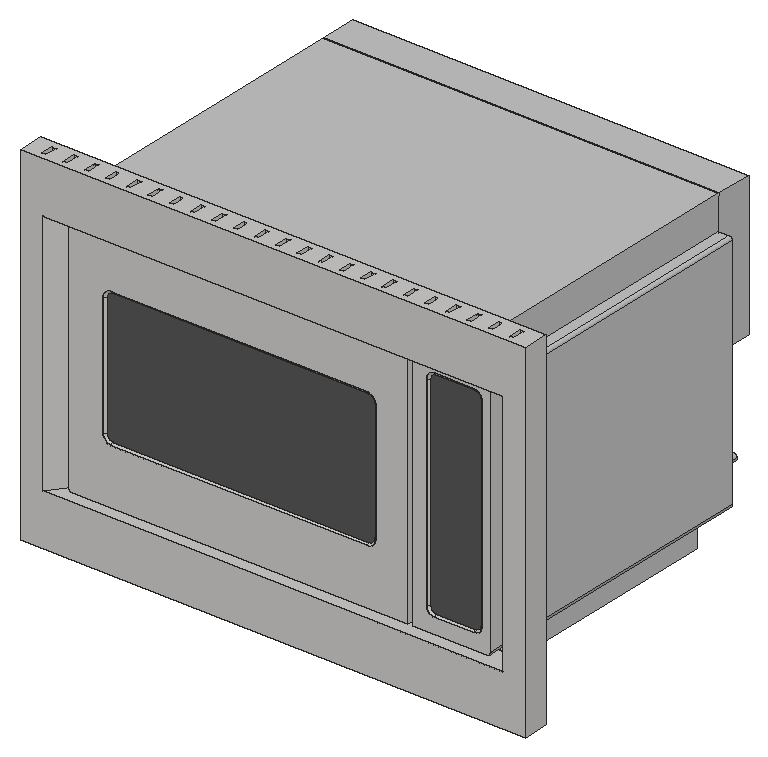
Revit family "FP_Revit_18_CMO-24SS-2_w_CMOTTK30SS_Microwave_w_Trimkit_90000928A", category Specialty Equipment, Revit 2018
Family settings
  Round Connector Dimension = Use Diameter
  Part Type = Normal
  OmniClass Number = 23.40.40.14.17.31
  OmniClass Title = Small Specialized Cooking Equipment
  Work Plane-Based = No
  Always vertical = Yes
  Cut with Voids When Loaded = Yes
  Shared = No
  Room Calculation Point = No
Parameters
  Visibility - Clearance Required = yes
  URL = "www.fisherpaykel.com"
  Product - Width = 754 mm
  Product - Height = 521 mm
  Product - Depth = 518 mm
  Model = "CMO-24SS-2 + CMOTTK-30SS"
  Material - Glass = Fisher & Paykel - Glass, Black
  Material - Front = Fisher & Paykel - Stainless Steel
  Material - Body = Fisher & Paykel - Grey
  Manufacturer = "Fisher & Paykel Appliances"
  FFL Offset [instance] = 860 mm
  Description = "CMO-24SS-2 Microwave + CMOTTK-30SS Trimkit"
  Connector Description - Electrical = "120 V, 60 Hz, 15 A"
  Chassis - Width = 654 mm
  Chassis - Height = 487 mm
  Chassis - Depth = 479.9 mm
  Cavity - Width = 654 mm
  Cavity - Height = 487 mm
  Cavity - Depth = 508 mm
Reference planes
  plane 1 "Datum": y = 0
  plane 2: z = 0
  plane 3 "Center (Left/Right)": x = 0
  plane 4 "FFL Offset": z = 860
  plane 5 "Product - Depth": y = 479.9
  plane 6 "Cavity - Depth": y = 508
Forms (mm)
  Extrusion 1, void
    sketch origin (0, 0, 0) x (0, 1, 0) y (0, 0, 1)
      loop
        line (0, 1347) -> (0, 860) -> (508, 860) -> (508, 1347) -> (0, 1347)
    from -327 to 327
Text (mm)
  text "Due to ongoing product development, product details are subject to change without notice. \nPlease always refer to www.fisherpaykel.com for the most current product information. \n© Fisher & Paykel 2020" at (39.334, -111.952, 0), in view "Ref. Level (Plan)"
Dimensions and locks
  nested 2 to plane 4 "FFL Offset" = 0 mm
  "FFL Offset": plane 4 "FFL Offset" to level
  "Cavity - Depth": plane 6 "Cavity - Depth" to plane 1 "Datum"
  "Chassis - Depth": plane 1 "Datum" to plane 5 "Product - Depth"
  "Product - Depth": nested 2 to plane 5 "Product - Depth"
  "Cavity - Width": Extrusion 1 to Extrusion 1
  nested 2 to nested 2 = 754 mm
  Extrusion 1 to Extrusion 1 = 654 mm
  locked: nested 1 to plane 4 "FFL Offset" at 57.175
  aligned and locked: level to plane 2
  aligned and locked: Extrusion 1 sketch curve to nested 2
  aligned and locked: plane 5 "Product - Depth" to nested 2
  aligned and locked: plane 4 "FFL Offset" to nested 2
Automatic sketch dimensions
  Extrusion 1 sketch curve to plane 1 "Datum" = 0 mm
  Extrusion 1 sketch curve to plane 1 "Datum" = 508 mm
  Extrusion 1 sketch curve to plane 4 "FFL Offset" = 0 mm
Nested families
  nested 1: "FP_Revit_18_CMO-24SS-2_Microwave_90000928A" at (0, -25.4, 908.875), type "FP_Revit_18_CMO-24SS-2_Microwave_90000928A"
    with FFL Offset 8.3 mm
  nested 2: "FP_Revit_18_CMOTTK-30SS_Trimkit_90001190A" at (0, 0, 860), type "FP_Revit_18_CMOTTK-30SS_Trimkit_90001190A"
    with FFL Offset 0 mm
Connectors
  electrical at (289.33, 459.6, 977.415), driven by "Connector Description - Electrical"
    settings: on nested 1, index 2, voltage 120 V, apparent load 0 VA, apparent load phase1 0 VA, apparent load phase2 0 VA, apparent load phase3 0 VA, power factor 1, load classification "Other", number of poles 1, system type 30, power factor state 1, is connector primary yes, connector utility no, sub classification motor no, connector description "120 V, 60 Hz, 15 A"
Definition of nested family "FP_Revit_18_CMO-24SS-2_Microwave_90000928A"
  Parameters (values of type "FP_Revit_18_CMO-24SS-2_Microwave_90000928A")
    Visibility - Clearance Required = yes
    URL = "www.fisherpaykel.com"
    Product - Width = 629 mm  # constant formula
    Product - Height = 378 mm  # constant formula
    Product - Depth = 485 mm  # constant formula
    Model = "CMO-24SS-2"
    Material - Glass = none
    Material - Front = none
    Material - Body = none
    Manufacturer = "Fisher & Paykel Appliances"
    FFL Offset [instance] = 860 mm
    Description = "24\" Convection Microwave"
    Connector Note - Electrical = "120 V, 60 Hz, 15 A"
  Reference planes
    plane 1 "Datum": y = 0
    plane 2: z = 0
    plane 3 "Center (Left/Right)": x = 0
    plane 4 "Top": z = 1238
    plane 5 "Product LHS": x = -314.5
    plane 6 "Product RHS": x = 314.5
    plane 7 "Product - Depth": y = 485
    plane 8 "FFL Offset": z = 860
    plane 9 "Base": z = 875.24
  Forms (mm)
    Extrusion 1, solid, material <- "Material - Front"
      sketch origin (0, 0, 0) x (1, 0, 0) y (0, 0, 1)
        loop
          arc (-309.5, 1238) -> (-313.036, 1236.536) -> (-314.5, 1233) r 5
          line (-314.5, 1233) -> (-314.5, 880.24)
          arc (-314.5, 880.24) -> (-313.036, 876.704) -> (-309.5, 875.24) r 5
          line (-309.5, 875.24) -> (309.5, 875.24)
          arc (309.5, 875.24) -> (313.036, 876.704) -> (314.5, 880.24) r 5
          line (314.5, 880.24) -> (314.5, 1233)
          arc (314.5, 1233) -> (313.036, 1236.536) -> (309.5, 1238) r 5
          line (309.5, 1238) -> (-309.5, 1238)
        loop
          arc (-251.52, 1164.165) -> (-260.005, 1160.65) -> (-263.52, 1152.165) r 12
          line (-263.52, 1152.165) -> (-263.52, 970.265)
          arc (-263.52, 970.265) -> (-260.005, 961.78) -> (-251.52, 958.265) r 12
          line (-251.52, 958.265) -> (130.88, 958.265)
          arc (130.88, 958.265) -> (139.365, 961.78) -> (142.88, 970.265) r 12
          line (142.88, 970.265) -> (142.88, 1152.165)
          arc (142.88, 1152.165) -> (139.365, 1160.65) -> (130.88, 1164.165) r 12
          line (130.88, 1164.165) -> (-251.52, 1164.165)
        loop
          arc (231.08, 1224.49) -> (222.595, 1220.975) -> (219.08, 1212.49) r 12
          line (219.08, 1212.49) -> (219.08, 909.94)
          arc (219.08, 909.94) -> (222.595, 901.455) -> (231.08, 897.94) r 12
          line (231.08, 897.94) -> (289.63, 897.94)
          arc (289.63, 897.94) -> (298.115, 901.455) -> (301.63, 909.94) r 12
          line (301.63, 909.94) -> (301.63, 1212.49)
          arc (301.63, 1212.49) -> (298.115, 1220.975) -> (289.63, 1224.49) r 12
          line (289.63, 1224.49) -> (231.08, 1224.49)
      from -25.4 to 0
    Extrusion 2, void
      sketch origin (0, 0, 0) x (1, 0, 0) y (0, 1, 0)
        loop
          line (193.68, 25.4) -> (191.458, 0) -> (199.077, 0) -> (196.855, 25.4) -> (193.68, 25.4)
      from 860 to 1238
    Extrusion 3, solid, material <- "Material - Glass"
      sketch origin (0, 0, 0) x (1, 0, 0) y (0, 0, 1)
        loop
          arc (-251.52, 1164.165) -> (-260.005, 1160.65) -> (-263.52, 1152.165) r 12
          line (-263.52, 1152.165) -> (-263.52, 970.265)
          arc (-263.52, 970.265) -> (-260.005, 961.78) -> (-251.52, 958.265) r 12
          line (-251.52, 958.265) -> (130.88, 958.265)
          arc (130.88, 958.265) -> (139.365, 961.78) -> (142.88, 970.265) r 12
          line (142.88, 970.265) -> (142.88, 1152.165)
          arc (142.88, 1152.165) -> (139.365, 1160.65) -> (130.88, 1164.165) r 12
          line (130.88, 1164.165) -> (-251.52, 1164.165)
        loop
          line (289.63, 1224.49) -> (231.08, 1224.49)
          arc (231.08, 1224.49) -> (222.595, 1220.975) -> (219.08, 1212.49) r 12
          line (219.08, 1212.49) -> (219.08, 909.94)
          arc (219.08, 909.94) -> (222.595, 901.455) -> (231.08, 897.94) r 12
          line (231.08, 897.94) -> (289.63, 897.94)
          arc (289.63, 897.94) -> (298.115, 901.455) -> (301.63, 909.94) r 12
          line (301.63, 909.94) -> (301.63, 1212.49)
          arc (301.63, 1212.49) -> (298.115, 1220.975) -> (289.63, 1224.49) r 12
      from -25.4 to -3.175
    Extrusion 4, solid, material <- "Material - Body"
      sketch origin (0, 0, 0) x (1, 0, 0) y (0, 0, 1)
        loop
          arc (-309.5, 1238) -> (-313.036, 1236.536) -> (-314.5, 1233) r 5
          line (-314.5, 1233) -> (-314.5, 880.24)
          arc (-314.5, 880.24) -> (-313.036, 876.704) -> (-309.5, 875.24) r 5
          line (-309.5, 875.24) -> (309.5, 875.24)
          arc (309.5, 875.24) -> (313.036, 876.704) -> (314.5, 880.24) r 5
          line (314.5, 880.24) -> (314.5, 1233)
          arc (314.5, 1233) -> (313.036, 1236.536) -> (309.5, 1238) r 5
          line (309.5, 1238) -> (-309.5, 1238)
      from -450.85 to -25.4
    Extrusion 5, solid, material <- "Material - Body"
      sketch origin (0, 0, 0) x (1, 0, 0) y (0, 1, 0)
        loop
          circle (-234.945, 86.36) r 9.302
        loop
          circle (-234.945, 395.923) r 9.302
        loop
          circle (234.945, 86.36) r 9.302
        loop
          circle (234.945, 395.923) r 9.302
      from 860 to 875.24
    Extrusion 6, solid, material <- "Material - Body"
      sketch origin (0, 0, 0) x (1, 0, 0) y (0, 0, 1)
        loop
          line (101.347, 1177.795) -> (-217.225, 1177.795)
          arc (-217.225, 1177.795) -> (-234.903, 1170.473) -> (-242.225, 1152.795) r 25
          line (-242.225, 1152.795) -> (-242.225, 965.985)
          arc (-242.225, 965.985) -> (-234.903, 948.307) -> (-217.225, 940.985) r 25
          line (-217.225, 940.985) -> (101.347, 940.985)
          arc (101.347, 940.985) -> (119.025, 948.307) -> (126.347, 965.985) r 25
          line (126.347, 965.985) -> (126.347, 1152.795)
          arc (126.347, 1152.795) -> (119.025, 1170.473) -> (101.347, 1177.795) r 25
      from -460.375 to -450.85
    Sweep 7, solid, material <- "Material - Body", detail levels fine
      path in 3D
        loop
          arc (101.347, 460.375, 1177.795) -> (119.025, 460.375, 1170.473) -> (126.347, 460.375, 1152.795) r 25
          line (126.347, 460.375, 1152.795) -> (126.347, 460.375, 965.985)
          arc (126.347, 460.375, 965.985) -> (119.025, 460.375, 948.307) -> (101.347, 460.375, 940.985) r 25
          line (101.347, 460.375, 940.985) -> (-217.225, 460.375, 940.985)
          arc (-217.225, 460.375, 940.985) -> (-234.903, 460.375, 948.307) -> (-242.225, 460.375, 965.985) r 25
          line (-242.225, 460.375, 965.985) -> (-242.225, 460.375, 1152.795)
          arc (-242.225, 460.375, 1152.795) -> (-234.903, 460.375, 1170.473) -> (-217.225, 460.375, 1177.795) r 25
          line (-217.225, 460.375, 1177.795) -> (101.347, 460.375, 1177.795)
      profile origin (-57.939, 460.375, 1177.795) x (0, 1, 0) y (0, 0, 1)
        loop
          line (0, 0) -> (-9.525, 9.525) -> (-9.525, 0) -> (0, 0)
    Revolve 8, solid, material <- "Material - Body"
      sketch origin (-202.5, 0, 0) x (0, 1, 0) y (0, 0, 1)
        loop
          line (485, 980.65) -> (485, 992.483)
          arc (485, 992.483) -> (481.575, 995.027) -> (478.15, 992.483) r 3.577
          line (478.15, 992.483) -> (478.15, 989.017) -> (460.375, 989.017) -> (460.375, 980.65) -> (485, 980.65)
        axis (485, 980.65) -> (460.375, 980.65)
      angle from 0 to 360
    Extrusion 9, solid, material <- "Material - Body"
      sketch origin (0, 0, 0) x (1, 0, 0) y (0, 0, 1)
        loop
          circle (289.33, 920.24) r 5
      from -485 to -450.85
    Extrusion 10, void
      sketch origin (0, 0, 0) x (1, 0, 0) y (0, 1, 0)
        loop
          line (-314.5, 485) -> (-314.5, 0) -> (314.5, 0) -> (314.5, 485) -> (-314.5, 485)
      from 860 to 1238
    Sweep 11, solid, material <- "Material - Front", detail levels fine
      path in 3D
        loop
          arc (-263.52, 0, 1152.165) -> (-260.005, 0, 1160.65) -> (-251.52, 0, 1164.165) r 12
          line (-251.52, 0, 1164.165) -> (130.88, 0, 1164.165)
          arc (130.88, 0, 1164.165) -> (139.365, 0, 1160.65) -> (142.88, 0, 1152.165) r 12
          line (142.88, 0, 1152.165) -> (142.88, 0, 970.265)
          arc (142.88, 0, 970.265) -> (139.365, 0, 961.78) -> (130.88, 0, 958.265) r 12
          line (130.88, 0, 958.265) -> (-251.52, 0, 958.265)
          arc (-251.52, 0, 958.265) -> (-260.005, 0, 961.78) -> (-263.52, 0, 970.265) r 12
          line (-263.52, 0, 970.265) -> (-263.52, 0, 1152.165)
      profile origin (-263.52, 0, 1061.215) x (0, -1, 0) y (1, 0, 0)
        loop
          line (0, 0) -> (-3.175, 3.175) -> (-3.175, 0) -> (0, 0)
    Sweep 12, solid, material <- "Material - Front", detail levels fine
      path in 3D
        loop
          arc (219.08, 0, 1212.49) -> (222.595, 0, 1220.975) -> (231.08, 0, 1224.49) r 12
          line (231.08, 0, 1224.49) -> (289.63, 0, 1224.49)
          arc (289.63, 0, 1224.49) -> (298.115, 0, 1220.975) -> (301.63, 0, 1212.49) r 12
          line (301.63, 0, 1212.49) -> (301.63, 0, 909.94)
          arc (301.63, 0, 909.94) -> (298.115, 0, 901.455) -> (289.63, 0, 897.94) r 12
          line (289.63, 0, 897.94) -> (231.08, 0, 897.94)
          arc (231.08, 0, 897.94) -> (222.595, 0, 901.455) -> (219.08, 0, 909.94) r 12
          line (219.08, 0, 909.94) -> (219.08, 0, 1212.49)
      profile origin (219.08, 0, 1061.215) x (0, -1, 0) y (1, 0, 0)
        loop
          line (0, 0) -> (-3.175, 3.175) -> (-3.175, 0) -> (0, 0)
  Cuts and joins
    Extrusion 2 cuts Extrusion 1
  Lines and regions (mm)
    sketch lines
      curve 1: line (-217.225, 460.375, 1177.795) -> (101.347, 460.375, 1177.795)
      curve 2: arc (-217.225, 460.375, 1177.795) -> (-234.903, 460.375, 1170.473) -> (-242.225, 460.375, 1152.795) r 25
      curve 3: line (-242.225, 460.375, 965.985) -> (-242.225, 460.375, 1152.795)
      curve 4: arc (-242.225, 460.375, 965.985) -> (-234.903, 460.375, 948.307) -> (-217.225, 460.375, 940.985) r 25
      curve 5: line (101.347, 460.375, 940.985) -> (-217.225, 460.375, 940.985)
      curve 6: arc (101.347, 460.375, 940.985) -> (119.025, 460.375, 948.307) -> (126.347, 460.375, 965.985) r 25
      curve 7: line (126.347, 460.375, 1152.795) -> (126.347, 460.375, 965.985)
      curve 8: arc (126.347, 460.375, 1152.795) -> (119.025, 460.375, 1170.473) -> (101.347, 460.375, 1177.795) r 25
      curve 9: line (-263.52, 0, 970.265) -> (-263.52, 0, 1152.165)
      curve 10: arc (-251.52, 0, 1164.165) -> (-260.005, 0, 1160.65) -> (-263.52, 0, 1152.165) r 12
      curve 11: line (-251.52, 0, 1164.165) -> (130.88, 0, 1164.165)
      curve 12: arc (142.88, 0, 1152.165) -> (139.365, 0, 1160.65) -> (130.88, 0, 1164.165) r 12
      curve 13: line (142.88, 0, 1152.165) -> (142.88, 0, 970.265)
      curve 14: arc (130.88, 0, 958.265) -> (139.365, 0, 961.78) -> (142.88, 0, 970.265) r 12
      curve 15: line (130.88, 0, 958.265) -> (-251.52, 0, 958.265)
      curve 16: arc (-263.52, 0, 970.265) -> (-260.005, 0, 961.78) -> (-251.52, 0, 958.265) r 12
      curve 17: line (219.08, 0, 909.94) -> (219.08, 0, 1212.49)
      curve 18: arc (231.08, 0, 1224.49) -> (222.595, 0, 1220.975) -> (219.08, 0, 1212.49) r 12
      curve 19: line (231.08, 0, 1224.49) -> (289.63, 0, 1224.49)
      curve 20: arc (301.63, 0, 1212.49) -> (298.115, 0, 1220.975) -> (289.63, 0, 1224.49) r 12
      curve 21: line (301.63, 0, 1212.49) -> (301.63, 0, 909.94)
      curve 22: arc (289.63, 0, 897.94) -> (298.115, 0, 901.455) -> (301.63, 0, 909.94) r 12
      curve 23: line (289.63, 0, 897.94) -> (231.08, 0, 897.94)
      curve 24: arc (219.08, 0, 909.94) -> (222.595, 0, 901.455) -> (231.08, 0, 897.94) r 12
  Text (mm)
    text "Due to ongoing product development, product details are subject to change without notice. \nPlease always refer to www.fisherpaykel.com for the most current product information. \n© Fisher & Paykel 2020" at (41.04, -248.295, 0), in view "Ref. Level (Plan)"
  Dimensions and locks
    equal spacing: plane 5 "Product LHS", plane 3 "Center (Left/Right)", plane 6 "Product RHS"
    "Product - Width": plane 5 "Product LHS" to plane 6 "Product RHS"
    "Product - Depth": plane 1 "Datum" to plane 7 "Product - Depth"
    "FFL Offset": plane 8 "FFL Offset" to level
    locked: plane 8 "FFL Offset" to Revolve 8 sketch curve at 120.65
    locked: Revolve 8 sketch curve to Revolve 8 sketch curve at 8.367
    locked: Extrusion 9 sketch curve to plane 8 "FFL Offset" at 60.24
    locked: plane 9 "Base" to plane 8 "FFL Offset" at 15.24
    cut or joined group of Extrusion 1, Extrusion 2 to plane 8 "FFL Offset" = 37.94 mm
    cut or joined group of Extrusion 1, Extrusion 2 to plane 8 "FFL Offset" = 98.265 mm
    locked: plane 8 "FFL Offset" to Extrusion 6 at 80.985
    locked: Sweep 7 to plane 8 "FFL Offset" at 80.985
    "Product - Height": plane 4 "Top" to plane 8 "FFL Offset"
    aligned and locked: level to plane 2
    aligned and locked: Extrusion 1 sketch curve to plane 5 "Product LHS"
    aligned and locked: plane 6 "Product RHS" to Extrusion 1 sketch curve
    aligned and locked: Revolve 8 sketch curve to plane 7 "Product - Depth"
    aligned and locked: Extrusion 9 to plane 7 "Product - Depth"
    aligned and locked: Extrusion 4 sketch curve to plane 4 "Top"
    aligned and locked: plane 4 "Top" to Extrusion 10
    aligned and locked: Extrusion 4 sketch curve to plane 9 "Base"
    aligned and locked: Extrusion 1 sketch curve to plane 9 "Base"
    aligned and locked: Extrusion 3 sketch curve to cut or joined group of Extrusion 1, Extrusion 2  (x2)
    aligned and locked: Extrusion 2 to plane 8 "FFL Offset"
    aligned and locked: Extrusion 5 to plane 8 "FFL Offset"
    aligned and locked: Extrusion 5 to Extrusion 4
    aligned and locked: Extrusion 10 to Extrusion 5
    aligned and locked: plane 4 "Top" to Extrusion 2
  Automatic sketch dimensions
    plane 1 "Datum" to Extrusion 2 sketch curve = 0 mm
    plane 6 "Product RHS" to Extrusion 2 sketch curve = 123.042 mm
    Extrusion 2 sketch curve to plane 1 "Datum" = 25.4 mm
    Extrusion 2 sketch curve to Extrusion 2 sketch curve = 2.222 mm
    Extrusion 2 sketch curve to Extrusion 2 sketch curve = 3.175 mm
    Extrusion 2 sketch curve to Extrusion 2 sketch curve = 7.62 mm
    Extrusion 6 sketch curve to plane 5 "Product LHS" = 72.275 mm
    Extrusion 6 sketch curve to Extrusion 6 sketch curve = 25 mm  (x3)
    plane 3 "Center (Left/Right)" to Extrusion 6 sketch curve = 101.347 mm  (x2)
    level to Extrusion 6 sketch curve = 940.985 mm
    Extrusion 6 sketch curve to plane 4 "Top" = 85.205 mm
    Sweep 7 sketch curve to profile plane = 0 mm  (x2)
    profile plane to Sweep 7 sketch curve = 9.525 mm  (x2)
    Extrusion 5 sketch curve to plane 5 "Product LHS" = 79.555 mm  (x2)
    plane 6 "Product RHS" to Extrusion 5 sketch curve = 79.555 mm  (x2)
    Extrusion 5 sketch curve to plane 1 "Datum" = 86.36 mm  (x2)
    Extrusion 5 sketch curve to plane 7 "Product - Depth" = 89.077 mm  (x2)
    Revolve 8 sketch curve to plane 7 "Product - Depth" = 3.425 mm
    Revolve 8 sketch curve to Revolve 8 sketch curve = 3.425 mm
    Revolve 8 sketch curve to Revolve 8 sketch curve = 17.775 mm
    Revolve 8 sketch curve to Revolve 8 sketch curve = 2.432 mm
    Revolve 8 sketch curve to Revolve 8 sketch curve = 1.033 mm
    Revolve 8 sketch curve to Revolve 8 sketch curve = 23.464 mm
    Revolve 8 sketch curve to Revolve 8 sketch curve = 0.407 mm
    Revolve 8 sketch curve to Revolve 8 sketch curve = 0 mm
    plane 6 "Product RHS" to Extrusion 9 sketch curve = 25.17 mm
    plane 1 "Datum" to Extrusion 10 sketch curve = 0 mm
    Extrusion 10 sketch curve to plane 5 "Product LHS" = 0 mm
    Extrusion 10 sketch curve to plane 6 "Product RHS" = 0 mm
    Extrusion 10 sketch curve to plane 7 "Product - Depth" = 0 mm
    plane 5 "Product LHS" to Extrusion 4 sketch curve = 0 mm
    plane 6 "Product RHS" to Extrusion 4 sketch curve = 0 mm
    Extrusion 4 sketch curve to plane 5 "Product LHS" = 5 mm  (x2)
    Extrusion 4 sketch curve to Extrusion 4 sketch curve = 5 mm
    plane 6 "Product RHS" to Extrusion 4 sketch curve = 5 mm
    Extrusion 1 sketch curve to plane 4 "Top" = 0 mm
    Extrusion 1 sketch curve to plane 5 "Product LHS" = 5 mm  (x2)
    Extrusion 1 sketch curve to plane 5 "Product LHS" = 50.98 mm
    Extrusion 1 sketch curve to Extrusion 1 sketch curve = 12 mm  (x5)
    plane 3 "Center (Left/Right)" to Extrusion 1 sketch curve = 130.88 mm  (x2)
    Extrusion 1 sketch curve to plane 4 "Top" = 25.51 mm
    plane 6 "Product RHS" to Extrusion 1 sketch curve = 95.42 mm
    Extrusion 1 sketch curve to plane 4 "Top" = 13.51 mm
    Extrusion 1 sketch curve to plane 9 "Base" = 22.7 mm
    plane 6 "Product RHS" to Extrusion 1 sketch curve = 24.87 mm  (x2)
    plane 6 "Product RHS" to Extrusion 1 sketch curve = 5 mm  (x2)
    Extrusion 1 sketch curve to plane 9 "Base" = 83.025 mm
    Extrusion 1 sketch curve to plane 4 "Top" = 85.835 mm
    Extrusion 3 sketch curve to plane 5 "Product LHS" = 50.98 mm
    Extrusion 3 sketch curve to Extrusion 3 sketch curve = 12 mm  (x5)
    plane 3 "Center (Left/Right)" to Extrusion 3 sketch curve = 130.88 mm  (x2)
    Extrusion 3 sketch curve to plane 4 "Top" = 25.51 mm
    plane 6 "Product RHS" to Extrusion 3 sketch curve = 95.42 mm
    Extrusion 3 sketch curve to plane 4 "Top" = 13.51 mm
    plane 6 "Product RHS" to Extrusion 3 sketch curve = 24.87 mm  (x2)
    Extrusion 3 sketch curve to plane 4 "Top" = 85.835 mm
    Sweep 11 sketch curve to profile plane = 0 mm  (x2)
    profile plane to Sweep 11 sketch curve = 3.175 mm  (x2)
    Sweep 12 sketch curve to profile plane = 0 mm  (x2)
    profile plane to Sweep 12 sketch curve = 3.175 mm  (x2)
    radius of Extrusion 9 sketch curve = 5 mm
    radius of Extrusion 5 sketch curve = 9.302 mm  (x4)
  Connectors
    electrical at (289.33, 485, 920.24), driven by "Connector Note - Electrical"
      settings: on Extrusion 9, index 1, voltage 120 V, apparent load 0 VA, apparent load phase1 0 VA, apparent load phase2 0 VA, apparent load phase3 0 VA, power factor 1, load classification none, number of poles 1, system type 30, power factor state 1, is connector primary yes, connector utility no, sub classification motor no, connector description "120 V, 60 Hz, 15 A"
Definition of nested family "FP_Revit_18_CMOTTK-30SS_Trimkit_90001190A"
  Parameters (values of type "FP_Revit_18_CMOTTK-30SS_Trimkit_90001190A")
    Visibility - Clearance Required = yes
    URL = "www.fisherpaykel.com"
    Product - Width = 754 mm  # constant formula
    Product - Height = 521 mm  # constant formula
    Product - Depth = 518 mm  # constant formula
    Model = "CMOTTK-30SS"
    Material - Trim = none
    Material - Body = none
    Manufacturer = "Fisher & Paykel Appliances"
    FFL Offset [instance] = 860 mm
    Description = "Microwave Trim Kit"
    Cavity - Width = 654 mm  # constant formula
    Cavity - Height = 487 mm  # constant formula
    Cavity - Depth = 508 mm  # constant formula
  Reference planes
    plane 1 "Datum": y = 0
    plane 2: z = 0
    plane 3 "Center (Left/Right)": x = 0
    plane 4 "Top": z = 1372.65
    plane 5 "Product LHS": x = -377
    plane 6 "Product RHS": x = 377
    plane 7 "Product - Depth": y = 508
    plane 8 "Trim": z = 851.65
    plane 9 "Base": z = 860
  Forms (mm)
    Extrusion 1, solid, material <- "Material - Body"
      sketch origin (0, 0, 0) x (1, 0, 0) y (0, 0, 1)
        loop
          line (-295.27, 1347) -> (-295.27, 1296.15) -> (295.28, 1296.15) -> (295.28, 1347) -> (-295.27, 1347)
        loop
          line (-261.259, 917.175) -> (-261.259, 860) -> (261.27, 860) -> (261.27, 917.175) -> (-261.259, 917.175)
      from -425.45 to 0
    Extrusion 2, solid, material <- "Material - Trim"
      sketch origin (0, 0, 0) x (1, 0, 0) y (0, 0, 1)
        loop
          line (-377, 1372.65) -> (-377, 851.65) -> (377, 851.65) -> (377, 1372.65) -> (-377, 1372.65)
      from 0 to 38.1
    Extrusion 3, solid, material <- "Material - Body"
      sketch origin (0, 0, 0) x (1, 0, 0) y (0, 0, 1)
        loop
          line (-295.27, 1310.516) -> (-327, 1310.516) -> (-327, 860) -> (327, 860) -> (327, 1310.516) -> (295.28, 1310.516) -> (295.28, 1296.15) -> (320.67, 1296.15) -> (320.67, 927.85) -> (-320.67, 927.85) -> (-320.67, 1296.15) -> (-295.27, 1296.15) -> (-295.27, 1310.516)
      from -9.525 to 0
    Extrusion 4, void
      sketch origin (0, 0, 0) x (1, 0, 0) y (0, 1, 0)
        loop
          line (-320.67, 0) -> (-320.67, -6.5) -> (-342.796, -38.1) -> (342.796, -38.1) -> (320.67, -6.5) -> (320.67, 0) -> (-320.67, 0)
      from 927.85 to 1296.15
    Extrusion 5, solid, material <- "Material - Body"
      sketch origin (0, 0, 0) x (1, 0, 0) y (0, 0, 1)
        loop
          line (295.28, 1133.596) -> (295.28, 1347) -> (-295.27, 1347) -> (-295.27, 1252.57) -> (154.035, 1252.57) -> (154.035, 1133.596) -> (295.28, 1133.596)
      from -479.9 to -425.45
    Extrusion 6, void
      sketch origin (0, 0, 0) x (1, 0, 0) y (0, 1, 0)
        loop
          line (-352.425, -9.525) -> (-352.425, -28.575) -> (-346.075, -28.575) -> (-346.075, -9.525) -> (-352.425, -9.525)
        loop
          line (-320.675, -9.525) -> (-320.675, -28.575) -> (-314.325, -28.575) -> (-314.325, -9.525) -> (-320.675, -9.525)
        loop
          line (-288.925, -9.525) -> (-288.925, -28.575) -> (-282.575, -28.575) -> (-282.575, -9.525) -> (-288.925, -9.525)
        loop
          line (-257.175, -9.525) -> (-257.175, -28.575) -> (-250.825, -28.575) -> (-250.825, -9.525) -> (-257.175, -9.525)
        loop
          line (-225.425, -9.525) -> (-225.425, -28.575) -> (-219.075, -28.575) -> (-219.075, -9.525) -> (-225.425, -9.525)
        loop
          line (-193.675, -9.525) -> (-193.675, -28.575) -> (-187.325, -28.575) -> (-187.325, -9.525) -> (-193.675, -9.525)
        loop
          line (-161.925, -9.525) -> (-161.925, -28.575) -> (-155.575, -28.575) -> (-155.575, -9.525) -> (-161.925, -9.525)
        loop
          line (-130.175, -9.525) -> (-130.175, -28.575) -> (-123.825, -28.575) -> (-123.825, -9.525) -> (-130.175, -9.525)
        loop
          line (-98.425, -9.525) -> (-98.425, -28.575) -> (-92.075, -28.575) -> (-92.075, -9.525) -> (-98.425, -9.525)
        loop
          line (-66.675, -9.525) -> (-66.675, -28.575) -> (-60.325, -28.575) -> (-60.325, -9.525) -> (-66.675, -9.525)
        loop
          line (-34.925, -9.525) -> (-34.925, -28.575) -> (-28.575, -28.575) -> (-28.575, -9.525) -> (-34.925, -9.525)
        loop
          line (-3.175, -9.525) -> (-3.175, -28.575) -> (3.175, -28.575) -> (3.175, -9.525) -> (-3.175, -9.525)
        loop
          line (352.425, -9.525) -> (346.075, -9.525) -> (346.075, -28.575) -> (352.425, -28.575) -> (352.425, -9.525)
        loop
          line (320.675, -9.525) -> (314.325, -9.525) -> (314.325, -28.575) -> (320.675, -28.575) -> (320.675, -9.525)
        loop
          line (288.925, -9.525) -> (282.575, -9.525) -> (282.575, -28.575) -> (288.925, -28.575) -> (288.925, -9.525)
        loop
          line (257.175, -9.525) -> (250.825, -9.525) -> (250.825, -28.575) -> (257.175, -28.575) -> (257.175, -9.525)
        loop
          line (225.425, -9.525) -> (219.075, -9.525) -> (219.075, -28.575) -> (225.425, -28.575) -> (225.425, -9.525)
        loop
          line (193.675, -9.525) -> (187.325, -9.525) -> (187.325, -28.575) -> (193.675, -28.575) -> (193.675, -9.525)
        loop
          line (161.925, -9.525) -> (155.575, -9.525) -> (155.575, -28.575) -> (161.925, -28.575) -> (161.925, -9.525)
        loop
          line (130.175, -9.525) -> (123.825, -9.525) -> (123.825, -28.575) -> (130.175, -28.575) -> (130.175, -9.525)
        loop
          line (98.425, -9.525) -> (92.075, -9.525) -> (92.075, -28.575) -> (98.425, -28.575) -> (98.425, -9.525)
        loop
          line (66.675, -9.525) -> (60.325, -9.525) -> (60.325, -28.575) -> (66.675, -28.575) -> (66.675, -9.525)
        loop
          line (34.925, -9.525) -> (28.575, -9.525) -> (28.575, -28.575) -> (34.925, -28.575) -> (34.925, -9.525)
      from 1356.65 to 1372.65
    Extrusion 7, solid, visible <- "Visibility - Clearance Required", detail levels coarse
      sketch origin (0, 0, 0) x (1, 0, 0) y (0, 1, 0)
        loop
          line (-327, 508) -> (-327, 0) -> (327, 0) -> (327, 508) -> (-327, 508)
      from 860 to 1347
    Extrusion 8, void
      sketch origin (0, 0, 0) x (1, 0, 0) y (0, 1, 0)
        loop
          line (-327, 508) -> (-327, 0) -> (327, 0) -> (327, 508) -> (-327, 508)
      from 860 to 1347
  Cuts and joins
    Extrusion 4, Extrusion 6 cuts Extrusion 2
    Extrusion 4 cuts Extrusion 3
  Text (mm)
    text "Due to ongoing product development, product details are subject to change without notice. \nPlease always refer to www.fisherpaykel.com for the most current product information. \n© Fisher & Paykel 2020" at (41.04, -145.42, 0), in view "Ref. Level (Plan)"
  Dimensions and locks
    equal spacing: plane 5 "Product LHS", plane 3 "Center (Left/Right)", plane 6 "Product RHS"
    "Product - Width": plane 5 "Product LHS" to plane 6 "Product RHS"
    equal spacing: Extrusion 7, plane 3 "Center (Left/Right)", Extrusion 7
    "Cavity - Width": Extrusion 7 to Extrusion 7
    locked: cut or joined group of Extrusion 2, Extrusion 4, Extrusion 6 to plane 1 "Datum" at 38.1
    "Product - Depth": cut or joined group of Extrusion 2, Extrusion 4, Extrusion 6 to Extrusion 5
    "Cavity - Depth": plane 1 "Datum" to plane 7 "Product - Depth"
    Extrusion 8 to Extrusion 8 = 654 mm
    "Product - Height": plane 4 "Top" to plane 8 "Trim"
    "FFL Offset": plane 9 "Base" to level
    locked: cut or joined group of Extrusion 2, Extrusion 4, Extrusion 6 to plane 8 "Trim" at 76.2
    locked: cut or joined group of Extrusion 2, Extrusion 4, Extrusion 6 to plane 8 "Trim" at 444.5
    locked: cut or joined group of Extrusion 3, Extrusion 4 to plane 8 "Trim" at 458.866
    "Cavity - Height": Extrusion 1 to plane 9 "Base"
    plane 9 "Base" to plane 8 "Trim" = 8.35 mm
    locked: cut or joined group of Extrusion 2, Extrusion 4, Extrusion 6 to plane 4 "Top" at 16
    locked: Extrusion 1 to plane 9 "Base" at 57.175
    aligned and locked: level to plane 2
    aligned and locked: Extrusion 2 sketch curve to plane 5 "Product LHS"
    aligned and locked: Extrusion 2 sketch curve to plane 4 "Top"
    aligned and locked: plane 8 "Trim" to cut or joined group of Extrusion 2, Extrusion 4, Extrusion 6
    aligned and locked: plane 4 "Top" to Extrusion 6
    aligned and locked: plane 9 "Base" to Extrusion 1
    aligned and locked: Extrusion 8 to Extrusion 1  (x2)
    aligned and locked: Extrusion 7 to Extrusion 1  (x2)
    aligned and locked: Extrusion 8 to cut or joined group of Extrusion 3, Extrusion 4
    aligned and locked: Extrusion 3 to Extrusion 1  (x2)
    aligned and locked: Extrusion 3 to Extrusion 4
    aligned and locked: Extrusion 4 to Extrusion 1
    aligned and locked: Extrusion 1 to cut or joined group of Extrusion 3, Extrusion 4
  Automatic sketch dimensions
    Extrusion 1 sketch curve to plane 5 "Product LHS" = 81.73 mm
    Extrusion 1 sketch curve to plane 5 "Product LHS" = 115.741 mm
    plane 6 "Product RHS" to Extrusion 1 sketch curve = 115.73 mm
    Extrusion 1 sketch curve to plane 4 "Top" = 25.65 mm
    plane 6 "Product RHS" to Extrusion 1 sketch curve = 81.72 mm
    Extrusion 1 sketch curve to Extrusion 1 sketch curve = 50.85 mm
    level to Extrusion 1 sketch curve = 917.175 mm
    level to Extrusion 1 sketch curve = 860 mm
    level to Extrusion 2 sketch curve = 851.65 mm
    plane 6 "Product RHS" to Extrusion 2 sketch curve = 0 mm
    Extrusion 3 sketch curve to plane 5 "Product LHS" = 50 mm
    Extrusion 3 sketch curve to plane 5 "Product LHS" = 56.33 mm
    Extrusion 3 sketch curve to Extrusion 3 sketch curve = 25.4 mm
    plane 6 "Product RHS" to Extrusion 3 sketch curve = 81.72 mm
    plane 6 "Product RHS" to Extrusion 3 sketch curve = 56.33 mm
    level to Extrusion 3 sketch curve = 860 mm
    plane 6 "Product RHS" to Extrusion 3 sketch curve = 50 mm
    Extrusion 3 sketch curve to Extrusion 3 sketch curve = 67.85 mm
    Extrusion 3 sketch curve to plane 4 "Top" = 76.5 mm  (x2)
    Extrusion 3 sketch curve to Extrusion 3 sketch curve = 14.366 mm  (x2)
    plane 1 "Datum" to Extrusion 4 sketch curve = 0 mm
    Extrusion 4 sketch curve to plane 5 "Product LHS" = 34.204 mm
    plane 1 "Datum" to Extrusion 4 sketch curve = 6.5 mm  (x2)
    Extrusion 4 sketch curve to Extrusion 4 sketch curve = 22.126 mm
    plane 6 "Product RHS" to Extrusion 4 sketch curve = 56.33 mm
    plane 6 "Product RHS" to Extrusion 4 sketch curve = 34.204 mm
    plane 1 "Datum" to Extrusion 4 sketch curve = 38.1 mm
    Extrusion 5 sketch curve to plane 5 "Product LHS" = 81.73 mm
    plane 3 "Center (Left/Right)" to Extrusion 5 sketch curve = 154.035 mm
    plane 6 "Product RHS" to Extrusion 5 sketch curve = 81.72 mm
    Extrusion 5 sketch curve to plane 4 "Top" = 239.055 mm
    Extrusion 5 sketch curve to plane 4 "Top" = 120.081 mm
    Extrusion 5 sketch curve to plane 4 "Top" = 25.65 mm
    Extrusion 6 sketch curve to plane 5 "Product LHS" = 24.575 mm
    Extrusion 6 sketch curve to Extrusion 6 sketch curve = 6.35 mm  (x22)
    plane 1 "Datum" to Extrusion 6 sketch curve = 9.525 mm  (x23)
    Extrusion 6 sketch curve to Extrusion 6 sketch curve = 25.4 mm  (x21)
    Extrusion 6 sketch curve to plane 3 "Center (Left/Right)" = 3.175 mm
    plane 3 "Center (Left/Right)" to Extrusion 6 sketch curve = 3.175 mm
    Extrusion 6 sketch curve to Extrusion 6 sketch curve = 19.05 mm  (x12)
    Extrusion 6 sketch curve to Extrusion 6 sketch curve = 0 mm  (x11)
    plane 1 "Datum" to Extrusion 7 sketch curve = 0 mm
    Extrusion 7 sketch curve to plane 7 "Product - Depth" = 0 mm
    Extrusion 7 sketch curve to plane 5 "Product LHS" = 50 mm
    plane 6 "Product RHS" to Extrusion 7 sketch curve = 50 mm
    plane 1 "Datum" to Extrusion 8 sketch curve = 0 mm
    plane 7 "Product - Depth" to Extrusion 8 sketch curve = 0 mm
    plane 6 "Product RHS" to Extrusion 8 sketch curve = 704 mm
    Extrusion 8 sketch curve to Extrusion 8 sketch curve = 654 mm
